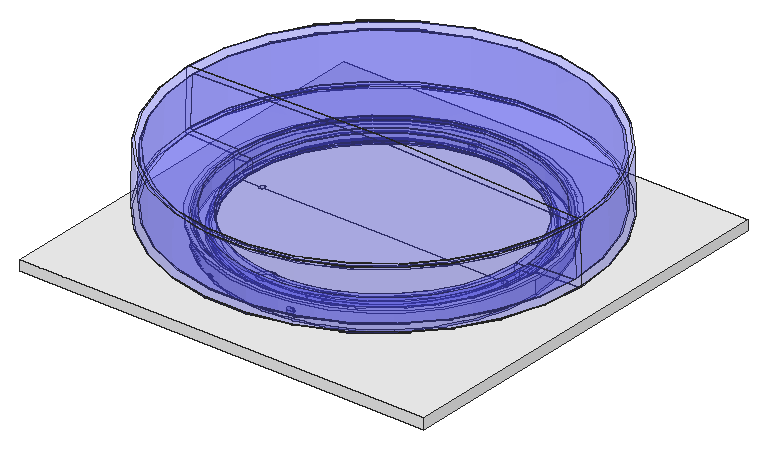
Revit family "BE_50652P_de_DE", category Leuchten, Revit 2020
Family settings
  Basisbauteil = Fläche
  Bemaßung runder Anschluss = Durchmesser verwenden
  Teiletyp = Normal
  Beim Laden mit Abzugskörper schneiden = Ja
  Lichtquelle = Ja
  Gemeinsam genutzt = Nein
  Raumberechnungspunkt = Ja
Parameters (values of type "BEGA_50652P_K4")
  built-in parameter 1150104 = 11.427 (stored number, unit not read)
  Wattage = 25.9 W
  Default Elevation = 0 mm
  built-in parameter 1150113 = 1 (stored number, unit not read)
  built-in parameter 1114218 = 1 (stored number, unit not read)
  Umgebungstemperatur = "25 °C"
  URL = "http://www.bega.de/de/produkt/50652"
  Typenkommentare = "© 2022 BEGA. Wir behalten uns das Recht vor, technische Änderungen ohne vorherige Ankündigung vorzunehmen."  # constant formula
  built-in parameter 1150134 = 12
  built-in parameter 1150109 = 1 (stored number, unit not read)
  Strom = ""
  built-in parameter 1150110 = 1 (stored number, unit not read)
  Spannung = 239.996 V
  Sonderanfertigung = no
  Seriennummer [instance] = "Hier können Sie die eindeutige Seriennummer für das Facility Management eintragen."
  Schutzklasse = "I"
  Schutzart = "IP 44"
  Scheinlast = 0 VA
  Produktdatenblatt = "http://www.bega.de/download/Xrfa/db/50652.db.de.pdf"
  Oberflächentemperatur = ""
  Neigungswinkel = 0.00°
  Model = "50652K4"
  Material_17 = BEGA_Reflektor
  Material_15 = BEGA_Leuchtmedium_matt
  Material_14 = BEGA_Kunststoff_opal
  Material_11 = BEGA_Glas_opal
  Material_09 = BEGA_Glas_klar
  Material_06 = BEGA_Oberfläche_Edelstahl_gebürstet
  Material_03 = BEGA_Oberfläche_Weiss_matt
  Material_02 = BEGA_Oberfläche_Silber_matt
  Material_01 [instance] = BEGA_Oberfläche_Grafit_matt
  M_W = no
  M_G = no
  M_A = no
  Logo = 0
  built-in parameter 1114217 = 1 (stored number, unit not read)
  built-in parameter 1150139 = (empty or 0)
  built-in parameter 1150105 = 800.89 (stored number, unit not read)
  built-in parameter 1150114 = 1 (stored number, unit not read)
  Lumens = 3185.7 lm
  built-in parameter 1150115 = 1 (stored number, unit not read)
  Leuchtenlichtstrom = "2175 lm"
  Leuchtenanzahl = ""
  Lebensdauerkriterien = "L70B50 @ 25 °C = 154000 h"
  Lastklassifizierung = Beleuchtung
  built-in parameter 1150112 = 1 (stored number, unit not read)
  Lampenlichtstrom = "3190 lm"
  Lamp = "LED 25.9 W"
  LED_Modulbezeichnung = "LED-0570/940"
  Hersteller = "BEGA"  # constant formula
  Halbstreuwinkel = ""
  Gewicht = "3.82 kg"
  Gebrauchslageneinschränkung [instance] = ""
  Frequenz = "0/50-60 Hz"
  Farbwiedergabeindex = "CRI > 90"
  Farbtemperaturverschiebung bei Dämpfen der Lampe = <Keine Auswahl>
  Farbtemperatur = "4000 K"
  Color Filter = 16777215
  built-in parameter 1150133 = 10 (stored number, unit not read)
  Energieeffizienzklasse = "LED A++ - A"
  built-in parameter 1150137 = (empty or 0)
  built-in parameter 1150132 = (empty or 0)
  ENEC = ""
  Dimmbar [instance] = ""
  Photometric Web File = "BE_50652PK4_PRE.IES"
  CE_Konformität = "ja"
  Bestellnummer = "50652K4"
  Beschreibung_Sonderanfertigung = "Hier können Sie Informationen zur Sonderanfertigung eintragen."
  Beschreibung = "Decken- und Wandleuchte"
  built-in parameter 1150106 = 8.0089 (stored number, unit not read)
  Befestigungsbohrung = "Ø 5,5 mm"
  Befestigungsabstand = "240 mm"
  Ballwurfsicher = ""
  BEGA_Intern_aus = yes
  BEGA_Intern_an = yes
  BEGA_Intern_Konstruktion = yes
  BEGA_Intern = yes
  BEGA_IES = yes
  BEGA_Dummy = no
  Anschlussleitung = ""
  Anschlussleistung [instance] = "30 W"
  Anschlusskasten = ""
  built-in parameter 1150107 = 4000 (stored number, unit not read)
  built-in parameter 1150102 = (empty or 0)
  built-in parameter 1150138 = (empty or 0)
  Aktualisierung = "2019-09-26T04:00:09"
  Abstand_zur_angestrahlten_Fläche [instance] = ""
  AC/DC = "AC/DC"
Types (2, lengths in mm): name | Model | Farbtemperatur | Photometric Web File | Bestellnummer
  BEGA_50652P_K4 | "50652PK4" | "4000 K" | "BE_50652PK4.IES" | "50652PK4"
  BEGA_50652P_K3 | "50652PK3" | "3000 K" | "BE_50652PK3.IES" | "50652PK3"
Reference planes
  plane 1 "Mitte (Vorne/Hinten)": y = 0
  plane 2: z = 0
  plane 3 "Mitte (Links/Rechts)": x = 0
  plane 4 "Links": x = -195.948
  plane 5 "Rechts": x = 195.948
  plane 6 "Unten": y = -195.9
  plane 7 "Oben": y = 195.9
  plane 8 "Vorne": z = 91.23
  plane 9 "Hinten": z = 0
Forms (mm)
  Extrusion 1, solid, material "BEGA_Platte_Weiss"
    sketch origin (0, -1119.2, 0) x (1, 0, 0) y (0, 1, 0)
      loop
        line (-200, 1319.2) -> (-200, 919.2) -> (200, 919.2) -> (200, 1319.2) -> (-200, 1319.2)
    from 0 to -10
  Extrusion 2, solid, material "BEGA_Dummy_matt", visible <- "BEGA_Dummy"
    sketch origin (77.149, -76.023, 0) x (1, 0, 0) y (0, 1, 0)
      loop
        circle (-77.149, 76.023) r 195.948
    from 0 to 91.23
Dimensions and locks
  plane 1 "Mitte (Vorne/Hinten)" to Extrusion 1 = 200 mm
  aligned and locked: plane 2 to Extrusion 1
  aligned and locked: level to Extrusion 1
Nested families
  nested 1: "BE_50652P" at (0, 0, 0), type "BE_50652P"
Connectors
  electrical at (0, 0, 0), driven by "Lastklassifizierung", driven by "Spannung", driven by "Scheinlast"
    settings: index 1, voltage 239.996 V, apparent load 0 VA, apparent load phase1 0 VA, apparent load phase2 0 VA, apparent load phase3 0 VA, power factor 1, load classification "Beleuchtung", number of poles 1, system type 31, power factor state 1, is connector primary yes, connector utility no, sub classification motor no, connector description ""
Definition of nested family "BE_50652P"
  Parameters (values of type "BE_50652P")
    Default Elevation = 1 mm
    URL = "http://www.bega.de/de/produkt"
    Type Comments = "© 2015 BEGA. Wir behalten uns das Recht vor, technische Änderungen ohne vorherige Ankündigung vorzunehmen. "  # constant formula
    Type Image = (empty or 0)
    Neigungswinkel_um_Z2 = 0.00°
    Neigungswinkel_um_Z1 = 0.00°
    Neigungswinkel_um_Y2 = 0.00°
    Neigungswinkel_um_Y1 = 0.00°
    Neigungswinkel_um_X2 = 0.00°
    Neigungswinkel_um_X1 = 0.00°
    Material_17 = none
    Material_15 = none
    Material_14 = none
    Material_11 = none
    Material_09 = none
    Material_06 = none
    Material_05 = none
    Material_03 = none
    Material_02 = none
    Material_01 = none
    M_W = yes
    M_G = yes
    M_A = yes
    Länge_Platte = 450 mm  # constant formula
    Höhe_Platte = -10 mm  # constant formula
    Manufacturer = "BEGA"  # constant formula
    Drehwinkel_um_Z2 = 0.00°
    Drehwinkel_um_Z1 = 0.00°
    Breite_Platte = 450 mm  # constant formula
  Reference planes
    plane 1 "Mitte (Oben/Unten)": y = 0
    plane 2: z = 0
    plane 3 "Mitte (Links/Rechts)": x = 0
    plane 4: x = -195.948
    plane 5: z = 91.23
    plane 6: x = 195.948
    plane 7: y = -195.9
    plane 8: y = 195.9
  Forms (mm)
    Extrusion 1, solid, detail levels medium
      sketch origin (0, 0, 0) x (1, 0, 0) y (0, 1, 0)
        loop
          line (-225, 225) -> (-225, -225) -> (225, -225) -> (225, 225) -> (-225, 225)
      from 0 to -10 <- "Höhe_Platte"
    Revolve 2, solid, material <- "Material_03", detail levels medium+fine
      sketch origin (0, 0, 0) x (1, 0, 0) y (0, 0, 1)
        loop
          line (-155, 22) -> (-150.815, 22) -> (-150.518, 4.944)
          arc (-150.518, 4.944) -> (-149.622, 2.854) -> (-147.518, 1.99) r 3
          line (-147.518, 1.99) -> (0, 1.99) -> (0, 4) -> (-147.518, 4)
          arc (-147.518, 4) -> (-148.219, 4.287) -> (-148.518, 4.983) r 1
          line (-148.518, 4.983) -> (-148.818, 22.171)
          arc (-148.818, 22.171) -> (-149.458, 23.474) -> (-150.811, 24) r 2
          line (-150.811, 24) -> (-155, 24) -> (-155, 22)
        axis (0, 1.99) -> (0, 24)
      angle from 0 to 360
    Revolve 3, solid, material <- "Material_03", detail levels medium+fine
      sketch origin (-20.712, 98.288, 0) x (-1, 0, 0) y (0, 0, 1)
        loop
          arc (-124.759, 2.845) -> (-122.212, 0.75) -> (-119, 0) r 7.249
          line (-119, 0) -> (-119, 2.845) -> (-124.759, 2.845)
        axis (-119, 0) -> (-119, 2.845)
      angle from 0 to 360
    Revolve 4, solid, material <- "Material_14", detail levels medium+fine
      sketch origin (0, 0, 0) x (1, 0, 0) y (0, 0, 1)
        loop
          arc (0, 91.23) -> (-96.315, 90.004) -> (-192.567, 86.325) r 3782.243
          arc (-192.567, 86.325) -> (-193.896, 85.724) -> (-194.464, 84.38) r 2
          line (-194.464, 84.38) -> (-195.948, 27.704)
          arc (-195.948, 27.704) -> (-195.403, 26.287) -> (-194.019, 25.661) r 2
          line (-194.019, 25.661) -> (-148.96, 24.087)
          arc (-148.96, 24.087) -> (-148.287, 21.659) -> (-146, 20.6) r 3
          line (-146, 20.6) -> (-135, 20.6) -> (-135, 14.367) -> (-138, 12.029) -> (-138, 8.6) -> (-135, 8.6) -> (-135, 10.613) -> (-132.71, 11.227)
          arc (-132.71, 11.227) -> (-130.575, 12.656) -> (-129.75, 15.089) r 4
          line (-129.75, 15.089) -> (-129.75, 21.91)
          arc (-129.75, 21.91) -> (-130.06, 23.971) -> (-130.964, 25.85) r 7
          line (-130.964, 25.85) -> (-143.75, 25.85) -> (-143.75, 29.159) -> (-188.631, 30.726)
          arc (-188.631, 30.726) -> (-190.017, 31.351) -> (-190.564, 32.769) r 2
          line (-190.564, 32.769) -> (-189.334, 79.381)
          arc (-189.334, 79.381) -> (-188.766, 80.726) -> (-187.434, 81.326) r 2
          arc (-187.434, 81.326) -> (-93.746, 84.816) -> (0, 85.98) r 3776.993
          line (0, 85.98) -> (0, 91.23)
        axis (0, 91.23) -> (0, 8.6)
      angle from 0 to 360
    Extrusion 5, void
      sketch origin (0, 0, 0) x (1, 0, 0) y (0, 1, 0)
        loop
          circle (-30, -107.5) r 8.5
        loop
          circle (20, -107.5) r 8.5
        loop
          circle (-120, 0) r 2.75
        loop
          circle (120, 0) r 2.75
      from 0 to 6
    Revolve 6, solid, material <- "Material_03", detail levels medium+fine
      sketch origin (98.288, 20.712, 0) x (0, 1, 0) y (0, 0, 1)
        loop
          arc (-124.759, 2.845) -> (-122.212, 0.75) -> (-119, 0) r 7.249
          line (-119, 0) -> (-119, 2.845) -> (-124.759, 2.845)
        axis (-119, 0) -> (-119, 2.845)
      angle from 0 to 360
    Revolve 7, solid, material <- "Material_03", detail levels medium+fine
      sketch origin (-98.288, -20.712, 0) x (0, -1, 0) y (0, 0, 1)
        loop
          arc (-124.759, 2.845) -> (-122.212, 0.75) -> (-119, 0) r 7.249
          line (-119, 0) -> (-119, 2.845) -> (-124.759, 2.845)
        axis (-119, 0) -> (-119, 2.845)
      angle from 0 to 360
    Revolve 8, solid, material <- "Material_03", detail levels medium+fine
      sketch origin (20.712, -98.288, 0) x (1, 0, 0) y (0, 0, 1)
        loop
          arc (-124.759, 2.845) -> (-122.212, 0.75) -> (-119, 0) r 7.249
          line (-119, 0) -> (-119, 2.845) -> (-124.759, 2.845)
        axis (-119, 0) -> (-119, 2.845)
      angle from 0 to 360
    Revolve 9, solid, material <- "Material_06", detail levels fine
      sketch origin (0, 0, 11.5) x (1, 0, 0) y (0, 1, 0)
        loop
          line (22.977, -149.027) -> (26.178, -148.463) -> (24.806, -140.684) -> (21.606, -141.249) -> (22.977, -149.027)
        axis (24.806, -140.684) -> (26.178, -148.463)
      angle from 0 to 360
    Revolve 10, solid, material <- "Material_06", detail levels fine
      sketch origin (0, 0, 11.5) x (0.939693, 0.34202, 0) y (-0.34202, 0.939693, 0)
        loop
          line (22.977, 149.027) -> (21.606, 141.249) -> (24.806, 140.684) -> (26.178, 148.463) -> (22.977, 149.027)
        axis (24.806, 140.684) -> (26.178, 148.463)
      angle from 0 to 360
  Cuts and joins
    Extrusion 5 cuts Revolve 2
    Extrusion 5 cuts Revolve 3
    joined: Revolve 2, Revolve 3, Revolve 6, Revolve 7, Revolve 8
  Dimensions and locks
    equal spacing: Extrusion 1 sketch curve, plane 3 "Mitte (Links/Rechts)", Extrusion 1 sketch curve
    equal spacing: Extrusion 1 sketch curve, plane 1 "Mitte (Oben/Unten)", Extrusion 1 sketch curve
    "Länge_Platte": Extrusion 1 sketch curve to Extrusion 1 sketch curve
    "Breite_Platte": Extrusion 1 sketch curve to Extrusion 1 sketch curve
    aligned and locked: Extrusion 1 to plane 2
    aligned and locked: level to Extrusion 1
  Automatic sketch dimensions
    Revolve 2 sketch curve to plane 3 "Mitte (Links/Rechts)" = 0 mm  (x2)
    level to Revolve 2 sketch curve = 4.993 mm
    Revolve 2 sketch curve to Revolve 2 sketch curve = 0 mm  (x4)
    level to Revolve 2 sketch curve = 4.983 mm
    Revolve 2 sketch curve to Revolve 2 sketch curve = 1 mm
    Revolve 2 sketch curve to Revolve 2 sketch curve = 0.3 mm
    level to Revolve 2 sketch curve = 4.944 mm
    Revolve 2 sketch curve to Revolve 2 sketch curve = 2 mm
    Revolve 2 sketch curve to Revolve 2 sketch curve = 1.993 mm
    Revolve 2 sketch curve to Revolve 2 sketch curve = 0.005 mm
    Revolve 2 sketch curve to Revolve 2 sketch curve = 4.185 mm
    level to Revolve 2 sketch curve = 1.99 mm
    Revolve 2 sketch curve to Revolve 2 sketch curve = 2.01 mm
    Revolve 2 sketch curve to Revolve 2 sketch curve = 17.056 mm
    Revolve 2 sketch curve to Revolve 2 sketch curve = 0.171 mm
    Revolve 2 sketch curve to Revolve 2 sketch curve = 0.569 mm
    level to Revolve 3 sketch curve = 2.845 mm
    Revolve 3 sketch curve to Revolve 3 sketch curve = 5.758 mm
    Revolve 3 sketch curve to Revolve 3 sketch curve = 0 mm  (x3)
    level to Revolve 3 sketch curve = 0 mm
    Revolve 3 sketch curve to Revolve 3 sketch curve = 0.469 mm
    plane 1 "Mitte (Oben/Unten)" to Extrusion 5 sketch curve = 0 mm  (x2)
    Extrusion 5 sketch curve to plane 3 "Mitte (Links/Rechts)" = 30 mm
    plane 3 "Mitte (Links/Rechts)" to Extrusion 5 sketch curve = 20 mm
    Extrusion 5 sketch curve to Extrusion 5 sketch curve = 0 mm
    level to Revolve 6 sketch curve = 2.845 mm
    Revolve 6 sketch curve to Revolve 6 sketch curve = 5.758 mm
    Revolve 6 sketch curve to Revolve 6 sketch curve = 0 mm  (x3)
    level to Revolve 6 sketch curve = 0 mm
    Revolve 6 sketch curve to Revolve 6 sketch curve = 0.469 mm
    level to Revolve 7 sketch curve = 2.845 mm
    Revolve 7 sketch curve to Revolve 7 sketch curve = 5.758 mm
    Revolve 7 sketch curve to Revolve 7 sketch curve = 0 mm  (x3)
    level to Revolve 7 sketch curve = 0 mm
    Revolve 7 sketch curve to Revolve 7 sketch curve = 0.469 mm
    level to Revolve 8 sketch curve = 2.845 mm
    Revolve 8 sketch curve to Revolve 8 sketch curve = 5.758 mm
    Revolve 8 sketch curve to Revolve 8 sketch curve = 0 mm  (x3)
    level to Revolve 8 sketch curve = 0 mm
    Revolve 8 sketch curve to Revolve 8 sketch curve = 0.469 mm
    plane 3 "Mitte (Links/Rechts)" to Revolve 9 sketch curve = 21.606 mm
    Revolve 9 sketch curve to Revolve 9 sketch curve = 1.371 mm
    Revolve 9 sketch curve to Revolve 9 sketch curve = 3.201 mm  (x2)
    Revolve 9 sketch curve to Revolve 9 sketch curve = 0.564 mm  (x2)
    Revolve 9 sketch curve to Revolve 9 sketch curve = 7.778 mm
    Revolve 9 sketch curve to Revolve 9 sketch curve = 0 mm  (x2)
    Revolve 9 sketch curve to Revolve 9 sketch curve = 0.068 mm
    Revolve 9 sketch curve to Revolve 9 sketch curve = 0.386 mm
    Revolve 10 sketch curve to plane 3 "Mitte (Links/Rechts)" = 28.007 mm
    Revolve 10 sketch curve to Revolve 10 sketch curve = 1.371 mm
    Revolve 10 sketch curve to Revolve 10 sketch curve = 3.201 mm  (x2)
    Revolve 10 sketch curve to Revolve 10 sketch curve = 0.564 mm  (x2)
    Revolve 10 sketch curve to Revolve 10 sketch curve = 7.778 mm
    Revolve 10 sketch curve to Revolve 10 sketch curve = 0 mm  (x2)
    Revolve 10 sketch curve to Revolve 10 sketch curve = 0.068 mm
    Revolve 10 sketch curve to Revolve 10 sketch curve = 0.386 mm
    Revolve 4 sketch curve to plane 3 "Mitte (Links/Rechts)" = 0 mm  (x3)
    Revolve 4 sketch curve to Revolve 4 sketch curve = 0.009 mm  (x2)
    level to Revolve 4 sketch curve = 11.227 mm
    Revolve 4 sketch curve to Revolve 4 sketch curve = 1.746 mm
    Revolve 4 sketch curve to Revolve 4 sketch curve = 1.04 mm
    level to Revolve 4 sketch curve = 14.367 mm
    Revolve 4 sketch curve to Revolve 4 sketch curve = 1.25 mm
    Revolve 4 sketch curve to Revolve 4 sketch curve = 2.29 mm
    Revolve 4 sketch curve to Revolve 4 sketch curve = 1.75 mm
    Revolve 4 sketch curve to Revolve 4 sketch curve = 3 mm  (x2)
    Revolve 4 sketch curve to Revolve 4 sketch curve = 7 mm
    Revolve 4 sketch curve to Revolve 4 sketch curve = 2.25 mm  (x2)
    Revolve 4 sketch curve to Revolve 4 sketch curve = 2.96 mm
    Revolve 4 sketch curve to Revolve 4 sketch curve = 0.067 mm
    Revolve 4 sketch curve to Revolve 4 sketch curve = 2 mm  (x2)
    Revolve 4 sketch curve to Revolve 4 sketch curve = 5.13 mm
    Revolve 4 sketch curve to Revolve 4 sketch curve = 3.385 mm
    Revolve 4 sketch curve to Revolve 4 sketch curve = 0.614 mm
    Revolve 4 sketch curve to Revolve 4 sketch curve = 2.013 mm
    Revolve 4 sketch curve to level = 3691.013 mm
    Revolve 4 sketch curve to Revolve 4 sketch curve = 0.001 mm
    Revolve 4 sketch curve to Revolve 4 sketch curve = 1.416 mm
    Revolve 4 sketch curve to Revolve 4 sketch curve = 0.722 mm
    Revolve 4 sketch curve to Revolve 4 sketch curve = 5.511 mm
    Revolve 4 sketch curve to Revolve 4 sketch curve = 1.31 mm
    Revolve 4 sketch curve to Revolve 4 sketch curve = 0.487 mm
    level to Revolve 4 sketch curve = 27.66 mm
    Revolve 4 sketch curve to Revolve 4 sketch curve = 0.045 mm
    Revolve 4 sketch curve to Revolve 4 sketch curve = 3.309 mm
    Revolve 4 sketch curve to Revolve 4 sketch curve = 3.066 mm
    Revolve 4 sketch curve to Revolve 4 sketch curve = 1.999 mm  (x3)
    Revolve 4 sketch curve to Revolve 4 sketch curve = 5.251 mm
    Revolve 4 sketch curve to Revolve 4 sketch curve = 0 mm  (x14)
    Revolve 4 sketch curve to Revolve 4 sketch curve = 0.07 mm
    Revolve 4 sketch curve to Revolve 4 sketch curve = 3.94 mm
    Revolve 4 sketch curve to Revolve 4 sketch curve = 46.604 mm
    Revolve 4 sketch curve to Revolve 4 sketch curve = 4.999 mm
    level to Revolve 4 sketch curve = 85.98 mm
    Revolve 4 sketch curve to Revolve 4 sketch curve = 20.725 mm
    Revolve 2 sketch curve to plane 3 "Mitte (Links/Rechts)" = 147.518 mm
    Revolve 4 sketch curve to plane 3 "Mitte (Links/Rechts)" = 130.964 mm
    Revolve 4 sketch curve to Revolve 4 sketch curve = 43.585 mm
    Revolve 4 sketch curve to Revolve 4 sketch curve = 39.604 mm
    Extrusion 5 sketch curve to plane 3 "Mitte (Links/Rechts)" = 120 mm
    Revolve 8 sketch curve to plane 3 "Mitte (Links/Rechts)" = 104.046 mm
    plane 3 "Mitte (Links/Rechts)" to Revolve 3 sketch curve = 104.046 mm
    plane 3 "Mitte (Links/Rechts)" to Extrusion 5 sketch curve = 120 mm
    plane 1 "Mitte (Oben/Unten)" to Extrusion 5 sketch curve = 107.5 mm
    plane 1 "Mitte (Oben/Unten)" to Revolve 6 sketch curve = 104.046 mm
    plane 1 "Mitte (Oben/Unten)" to Revolve 9 sketch curve = 149.027 mm
    Revolve 7 sketch curve to plane 1 "Mitte (Oben/Unten)" = 104.046 mm
    Revolve 10 sketch curve to plane 1 "Mitte (Oben/Unten)" = 140.12 mm
    radius of Extrusion 5 sketch curve = 8.5 mm  (x2)
    radius of Extrusion 5 sketch curve = 2.75 mm  (x2)
